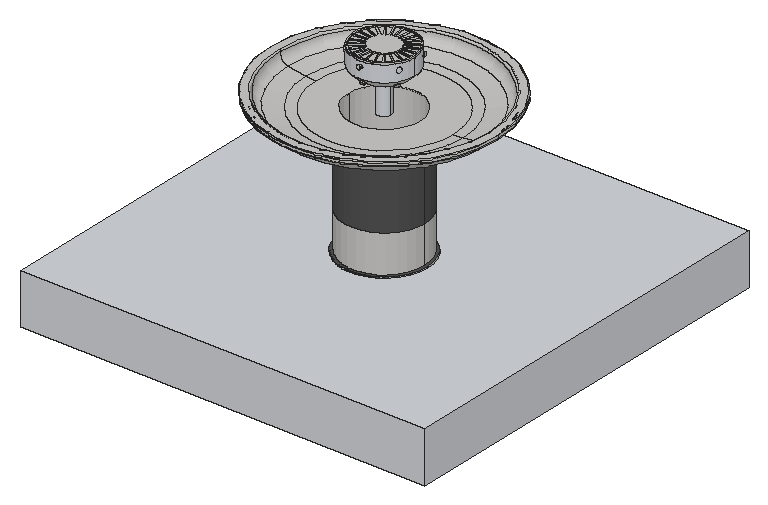
Revit family
Parameters (values of type "3506-ADA")
  Waste Connection = yes
  WFU = 0
  Vent Connection = no
  VP - Vinylclad Housing Color (Black, Gray, White) (Not Available with -ES Contoured Base Units.) = no
  URL = "http://www.acorneng.com/uploads/fileLibrary/3506ADA.pdf"
  Type Comments = ""
  Tempered Water Connection = no
  TT - Top Supply; Vent Thru-Fixture = no
  TS - Single-Fold Paper Towel Dispenser (Not ADA Compliant) = no
  TO - Top Supply; Vent Off Drain = no
  TM - C or Multi-Fold Paper Towel Dispenser (Not ADA Compliant.) = no
  ST - Single Temperature Valve = no
  SPX - 16 Gage Stainless Steel Housing = no
  SO-BAT- Sensor Operation (Batteries Not Included) = no
  SO - Sensor Operated (Standard) = no
  SC - Supply Cover, Ceiling Height_______ = no
  Revised Date = "26/06/2014"
  Phone# = "626-336-4561"
  PDM - Metering Liquid Soap Dispenser (Not Available with -BT, -PCB, -SC, -TM, -TO, -TS, or -TT) = yes
  PCB - Pipe Column Brace (Pipe By Others.) = no
  Model = "3506-ADA"
  Material = Stainless Steel
  Manufacturer = "Acorn "
  JH31 - 31" Junior Rim Height (Not ADA Compliant On - 2 On-Floor Units) = no
  HWFU = 0
  HW Connection = yes
  HB - Hose Bibb (L or R) (Not ADA Compliant) = no
  EG - Enviro-Glaze Color, Bowl and Sprayhead (Specify) = no
  Designed By = "ATS"
  Description = "Circular Models - 6 or 8 Stations "
  Default Elevation = 34"
  DV - Liquid/Lotion Soap Dispenser (Not ADA Compliant) = no
  DP - Metering Powder Soap Dispenser  (Not ADA Compliant) = no
  CWFU = 0
  CW Connection = yes
  CS - Compact Sprayhead - 9" Diameter x 4" High (Not Available with -DP or -DV) = no
  BT - Bottom Supply; Vent Thru-Fixture = no
  BO - Bottom Supply; Vent Off-Drain = no
  Assembly Code = "D2010610"
  3506-ADA - 54" Island Circular, Six Station, ADA Compliant = no
  3 - On-Floor, Floor Outlet = yes
Reference planes (in)
  plane 1 "Center (Front/Back)": y = 0
  plane 2: z = 0
  plane 3 "Center (Left/Right)": x = 0
  plane 4: z = 29.5
  plane 5: z = 44
  plane 6: z = 34
  plane 7: x = -27
  plane 8: x = 27
  plane 9: y = 27
  plane 10: y = -27
  plane 11: x = -10.25
  plane 12: x = 10.25
  plane 13: y = 10.25
  plane 14: y = -10.25
Forms (in)
  Extrusion 1, solid
    sketch origin (0, 0, 0) x (1, 0, 0) y (0, 1, 0)
      loop
        line (-48, 48) -> (-48, -48) -> (48, -48) -> (48, 48) -> (-48, 48)
    from 0 to -12
  Extrusion 2, solid, material "Stainless Steel" <- "Material"
    sketch origin (0, 0, 0) x (1, 0, 0) y (0, 1, 0)
      loop
        circle (0, 0) r 10.25
    from 0 to 0.27209
  Sweep 3, solid, material "Stainless Steel" <- "Material"
    path origin (0, 0, 0) x (1, 0, 0) y (0, 1, 0)
      loop
        circle (0, 0) r 27
    profile origin (0, 27, 0) x (0, -1, 0) y (0, 0, 1)
      loop
        arc (0, 33.21217) -> (0.02553, 33.15053) -> (0.08717, 33.125) r 0.08717
        line (0.08717, 33.125) -> (1.13928, 33.125)
        arc (1.13928, 33.125) -> (1.2934, 33.07184) -> (1.38198, 32.93498) r 0.25
        arc (1.38198, 32.93498) -> (2.47163, 31.1151) -> (4.39359, 30.21766) r 3.62137
        line (4.39359, 30.21766) -> (8.49921, 29.64065)
        arc (8.49921, 29.64065) -> (9.50246, 29.53521) -> (10.51062, 29.5) r 14.45258
        line (10.51062, 29.5) -> (17.36824, 29.5) -> (17.36824, 9.23669) -> (17.49324, 9.23669) -> (17.49324, 0.27209) -> (17.36824, 0.27209) -> (16.75, 0.27209) -> (16.75, 0) -> (26.8387, 0) -> (26.8387, 0.27209) -> (18.49324, 0.27209) -> (18.49324, 30.50128) -> (10.67892, 30.50128)
        arc (10.67892, 30.50128) -> (9.50287, 30.54235) -> (8.33255, 30.66535) r 16.85933
        line (8.33255, 30.66535) -> (4.11064, 31.2587)
        arc (4.11064, 31.2587) -> (2.7411, 32.03816) -> (2.27873, 33.5446) r 2.13601
        arc (2.27873, 33.5446) -> (2.16825, 33.86433) -> (1.85838, 34) r 0.4217
        line (1.85838, 34) -> (0.1242, 34)
        arc (0.1242, 34) -> (0.03638, 33.96362) -> (0, 33.8758) r 0.1242
        line (0, 33.8758) -> (0, 33.21217)
  Sweep 4, solid
    path origin (0, 0, 0) x (1, 0, 0) y (0, 1, 0)
      loop
        circle (0.00286, -0.00402) r 2.12007
    profile origin (0.00286, 2.11606, 0) x (0, -1, 0) y (0, 0, 1)
      loop
        line (0.5, 29.53538) -> (1.86606, 29.53538) -> (1.86606, 38.01187) -> (-4.63394, 40.25) -> (-4.63394, 43) -> (1.86606, 43) -> (1.86606, 43.625) -> (-5.13394, 43.625) -> (-5.13394, 39.75) -> (-3.54295, 38.15901) -> (0.08515, 38.15901)
        arc (0.08515, 38.15901) -> (0.37849, 38.0375) -> (0.5, 37.74416) r 0.41485
        line (0.5, 37.74416) -> (0.5, 29.53538)
  Extrusion 5, solid, material "Stainless Steel" <- "Material"
    sketch origin (0, 0, 0) x (1, 0, 0) y (0, 1, 0)
      loop
        circle (0, 0) r 7.25
    from 44 to 43.625
  Extrusion 6, void
    sketch origin (0.00315, 10.03077, 53.95644) x (0, -1, 0) y (1, 0, 0)
      loop
        arc (3.09874, 0) -> (3.10911, -0.37825) -> (3.1402, -0.75537) r 6.90126
        line (3.1402, -0.75537) -> (6.41052, -0.32482)
        arc (6.41052, -0.32482) -> (6.39591, 0.01899) -> (6.41415, 0.36264) r 3.60414
        line (6.41415, 0.36264) -> (3.14446, 0.7931)
        arc (3.14446, 0.7931) -> (3.11018, 0.39721) -> (3.09874, 0) r 6.90126
      loop
        line (16.85496, 0.79806) -> (13.58535, 0.3676)
        arc (13.58535, 0.3676) -> (13.60409, 0.01899) -> (13.58902, -0.32979) r 3.60414
        line (13.58902, -0.32979) -> (16.85925, -0.76033)
        arc (16.85925, -0.76033) -> (16.90123, 0.01898) -> (16.85496, 0.79806) r 6.90126
      loop
        line (13.55124, 0.61527) -> (16.82156, 1.04581)
        arc (16.82156, 1.04581) -> (16.66005, 1.80862) -> (16.41353, 2.54833) r 6.90126
        line (16.41353, 2.54833) -> (13.36678, 1.28633)
        arc (13.36678, 1.28633) -> (13.47524, 0.95526) -> (13.55124, 0.61527) r 3.60414
      loop
        line (13.26951, 1.51663) -> (16.31702, 2.77896)
        arc (16.31702, 2.77896) -> (15.96367, 3.47305) -> (15.53435, 4.1229) r 6.90126
        line (15.53435, 4.1229) -> (12.91807, 2.11536)
        arc (12.91807, 2.11536) -> (13.10824, 1.82448) -> (13.26951, 1.51663) r 3.60414
      loop
        line (12.7644, 2.31256) -> (15.38139, 4.32065)
        arc (15.38139, 4.32065) -> (14.86092, 4.89886) -> (14.27869, 5.41481) r 6.90126
        line (14.27869, 5.41481) -> (12.27115, 2.79853)
        arc (12.27115, 2.79853) -> (12.52947, 2.56742) -> (12.7644, 2.31256) r 3.60414
      loop
        line (12.07167, 2.94924) -> (14.07976, 5.56623)
        arc (14.07976, 5.56623) -> (13.42817, 5.98957) -> (12.73313, 6.33699) r 6.90126
        line (12.73313, 6.33699) -> (11.47112, 3.29023)
        arc (11.47112, 3.29023) -> (11.77958, 3.13415) -> (12.07167, 2.94924) r 3.60414
      loop
        line (11.23949, 3.3843) -> (12.50181, 6.43182)
        arc (12.50181, 6.43182) -> (11.76374, 6.67208) -> (11.00337, 6.82793) r 6.90126
        line (11.00337, 6.82793) -> (10.57291, 3.55832)
        arc (10.57291, 3.55832) -> (10.91037, 3.48727) -> (11.23949, 3.3843) r 3.60414
      loop
        line (10.32486, 3.58947) -> (10.7554, 6.85979)
        arc (10.7554, 6.85979) -> (9.98105, 6.90123) -> (9.20694, 6.85554) r 6.90126
        line (9.20694, 6.85554) -> (9.63741, 3.58586)
        arc (9.63741, 3.58586) -> (9.98104, 3.60409) -> (10.32486, 3.58947) r 3.60414
      loop
        line (9.38969, 3.55209) -> (8.95916, 6.82232)
        arc (8.95916, 6.82232) -> (8.20089, 6.66263) -> (7.46531, 6.41894) r 6.90126
        line (7.46531, 6.41894) -> (8.7274, 3.37199)
        arc (8.7274, 3.37199) -> (9.05425, 3.47784) -> (9.38969, 3.55209) r 3.60414
      loop
        line (8.4967, 3.27566) -> (7.23449, 6.32292)
        arc (7.23449, 6.32292) -> (6.54338, 5.97321) -> (5.89582, 5.54825) r 6.90126
        line (5.89582, 5.54825) -> (7.90357, 2.9317)
        arc (7.90357, 2.9317) -> (8.19194, 3.11781) -> (8.4967, 3.27566) r 3.60414
      loop
        line (7.70538, 2.77931) -> (5.69756, 5.39596)
        arc (5.69756, 5.39596) -> (5.12009, 4.87995) -> (4.60407, 4.30248) r 6.90126
        line (4.60407, 4.30248) -> (7.22072, 2.29466)
        arc (7.22072, 2.29466) -> (7.45151, 2.54853) -> (7.70538, 2.77931) r 3.60414
      loop
        line (7.06834, 2.09647) -> (4.45178, 4.10422)
        arc (4.45178, 4.10422) -> (4.02682, 3.45666) -> (3.6771, 2.76556) r 6.90126
        line (3.6771, 2.76556) -> (6.72436, 1.50334)
        arc (6.72436, 1.50334) -> (6.88221, 1.80811) -> (7.06834, 2.09647) r 3.60414
      loop
        line (6.62803, 1.27265) -> (3.58108, 2.53474)
        arc (3.58108, 2.53474) -> (3.33738, 1.79915) -> (3.17769, 1.04088) r 6.90126
        line (3.17769, 1.04088) -> (6.44791, 0.61035)
        arc (6.44791, 0.61035) -> (6.52217, 0.9458) -> (6.62803, 1.27265) r 3.60414
      loop
        line (6.44168, -0.57288) -> (3.17206, -1.00333)
        arc (3.17206, -1.00333) -> (3.32792, -1.76372) -> (3.56817, -2.50179) r 6.90126
        line (3.56817, -2.50179) -> (6.61569, -1.23947)
        arc (6.61569, -1.23947) -> (6.51272, -0.91034) -> (6.44168, -0.57288) r 3.60414
      loop
        line (6.70976, -1.4711) -> (3.66301, -2.73311)
        arc (3.66301, -2.73311) -> (4.01042, -3.42816) -> (4.43377, -4.07976) r 6.90126
        line (4.43377, -4.07976) -> (7.05076, -2.07167)
        arc (7.05076, -2.07167) -> (6.86584, -1.77957) -> (6.70976, -1.4711) r 3.60414
      loop
        line (7.20147, -2.27114) -> (4.58518, -4.27869)
        arc (4.58518, -4.27869) -> (5.10114, -4.86092) -> (5.67935, -5.38139) r 6.90126
        line (5.67935, -5.38139) -> (7.68744, -2.7644)
        arc (7.68744, -2.7644) -> (7.43258, -2.52947) -> (7.20147, -2.27114) r 3.60414
      loop
        line (7.88465, -2.91807) -> (5.8771, -5.53436)
        arc (5.8771, -5.53436) -> (6.52696, -5.96367) -> (7.22106, -6.31703) r 6.90126
        line (7.22106, -6.31703) -> (8.48339, -3.26951)
        arc (8.48339, -3.26951) -> (8.17554, -3.10824) -> (7.88465, -2.91807) r 3.60414
      loop
        line (8.71369, -3.36679) -> (7.45169, -6.41354)
        arc (7.45169, -6.41354) -> (8.19141, -6.66006) -> (8.95422, -6.82156) r 6.90126
        line (8.95422, -6.82156) -> (9.38476, -3.55124)
        arc (9.38476, -3.55124) -> (9.04477, -3.47525) -> (8.71369, -3.36679) r 3.60414
      loop
        line (9.63243, -3.58535) -> (9.20198, -6.85496)
        arc (9.20198, -6.85496) -> (9.98105, -6.90123) -> (10.76037, -6.85924) r 6.90126
        line (10.76037, -6.85924) -> (10.32984, -3.58902)
        arc (10.32984, -3.58902) -> (9.98105, -3.60409) -> (9.63243, -3.58535) r 3.60414
      loop
        line (10.57785, -3.55752) -> (11.00831, -6.8272)
        arc (11.00831, -6.8272) -> (11.77324, -6.66956) -> (12.51547, -6.42649) r 6.90126
        line (12.51547, -6.42649) -> (11.25325, -3.37923)
        arc (11.25325, -3.37923) -> (10.91988, -3.48478) -> (10.57785, -3.55752) r 3.60414
      loop
        line (11.48449, -3.28422) -> (12.74658, -6.33117)
        arc (12.74658, -6.33117) -> (13.44464, -5.98012) -> (14.09854, -5.55242) r 6.90126
        line (14.09854, -5.55242) -> (12.09072, -2.93577)
        arc (12.09072, -2.93577) -> (11.79608, -3.12473) -> (11.48449, -3.28422) r 3.60414
      loop
        line (12.28921, -2.78377) -> (14.29696, -5.40033)
        arc (14.29696, -5.40033) -> (14.87995, -4.87991) -> (15.40036, -4.29692) r 6.90126
        line (15.40036, -4.29692) -> (12.78381, -2.28916)
        arc (12.78381, -2.28916) -> (12.54853, -2.54849) -> (12.28921, -2.78377) r 3.60414
      loop
        line (12.9358, -2.09068) -> (15.55245, -4.0985)
        arc (15.55245, -4.0985) -> (15.98015, -3.44459) -> (16.33119, -2.74653) r 6.90126
        line (16.33119, -2.74653) -> (13.28424, -1.48445)
        arc (13.28424, -1.48445) -> (13.12476, -1.79603) -> (12.9358, -2.09068) r 3.60414
      loop
        line (13.37925, -1.2532) -> (16.42651, -2.51542)
        arc (16.42651, -2.51542) -> (16.66957, -1.7732) -> (16.82721, -1.00827) r 6.90126
        line (16.82721, -1.00827) -> (13.55753, -0.57781)
        arc (13.55753, -0.57781) -> (13.48479, -0.91983) -> (13.37925, -1.2532) r 3.60414
    from -9.85296 to -10.08144
  Extrusion 7, solid
    sketch origin (0, 0, 0) x (1, 0, 0) y (0, 0, 1)
      loop
        circle (0, 42.4505) r 0.5
    from 6.98268 to 7.64285
  Extrusion 8, solid
    sketch origin (0.06387, 0.00178, 0) x (0.5, 0.866025, 0) y (0, 0, -1)
      loop
        circle (0, -42.4505) r 0.5
    from -7.62562 to -7.02947
  Extrusion 9, solid
    sketch origin (0.06387, -0.00178, 0) x (0.5, -0.866025, 0) y (0, 0, 1)
      loop
        circle (0, 42.4505) r 0.5
    from 6.98268 to 7.64285
  Extrusion 10, solid
    sketch origin (0, 0, 0) x (1, 0, 0) y (0, 0, -1)
      loop
        circle (0, -42.4505) r 0.5
    from 6.98268 to 7.64285
  Extrusion 11, solid
    sketch origin (0.06387, -0.00178, 0) x (0.5, -0.866025, 0) y (0, 0, 1)
      loop
        circle (0, 42.4505) r 0.5
    from -7.62562 to -7.02947
  Extrusion 12, solid
    sketch origin (0.06387, 0.00178, 0) x (0.5, 0.866025, 0) y (0, 0, -1)
      loop
        circle (0, -42.4505) r 0.5
    from 6.98268 to 7.64285
  Extrusion 13, solid
    sketch origin (0, 28.84393, 13.85437) x (1, 0, 0) y (0, -0.707107, 0.707107)
      loop
        circle (0, 42.4505) r 0.5
    from 6.98268 to 7.64285
  Extrusion 14, solid
    sketch origin (0, -28.87518, 13.85437) x (1, 0, 0) y (0, -0.707107, -0.707107)
      loop
        circle (0, -42.4505) r 0.5
    from 6.98268 to 7.64285
  Extrusion 15, solid
    sketch origin (24.99311, 14.41415, 13.85437) x (0.5, -0.866025, 0) y (-0.612372, -0.353553, 0.707107)
      loop
        circle (0, 42.4505) r 0.5
    from 6.98268 to 7.64285
  Extrusion 16, solid
    sketch origin (-24.99311, -14.4454, 13.85437) x (0.5, -0.866025, 0) y (-0.612372, -0.353553, -0.707107)
      loop
        circle (0, -42.4505) r 0.5
    from 6.98268 to 7.64285
  Extrusion 17, solid
    sketch origin (0, 0, 0) x (1, 0, 0) y (0, 1, 0)
      loop
        circle (0, 0) r 1
    from -0.16562 to 0.58185
  Extrusion 18, solid
    sketch origin (0, 0, 0) x (1, 0, 0) y (0, 1, 0)
      loop
        circle (-1.61719, 0) r 0.25
      loop
        circle (1.61719, 0) r 0.25
    from -0.16562 to 0.58185
  Extrusion 19, solid
    sketch origin (24.99311, -14.4454, 13.85437) x (-0.5, -0.866025, 0) y (-0.612372, 0.353553, 0.707107)
      loop
        circle (0, 42.4505) r 0.5
    from 6.98268 to 7.64285
  Extrusion 20, solid
    sketch origin (-24.99311, 14.41415, 13.85437) x (-0.5, -0.866025, 0) y (-0.612372, 0.353553, -0.707107)
      loop
        circle (0, -42.4505) r 0.5
    from 6.98268 to 7.64285
Cuts and joins
  Extrusion 6 cuts Extrusion 5
Dimensions and locks (in)
  plane 4 to plane 2 = 29 1/2"
  plane 5 to plane 2 = 44"
  plane 6 to plane 2 = 34"
  plane 7 to plane 8 = 54"  (x2)
  plane 10 to plane 9 = 54"
  plane 5 to Extrusion 1 = 44"
  plane 6 to Extrusion 1 = 34"
  plane 4 to Extrusion 1 = 29 1/2"
  aligned and locked: plane 2 to Extrusion 1
  aligned and locked: level to Extrusion 1
Connectors (in)
  piping at (0, 0, -0.16562)
    settings: on Extrusion 17, index 1
  piping at (1.61719, 0, -0.16562)
    settings: on Extrusion 18, index 2
  piping at (-1.61719, 0, -0.16562)
    settings: on Extrusion 18, index 3
